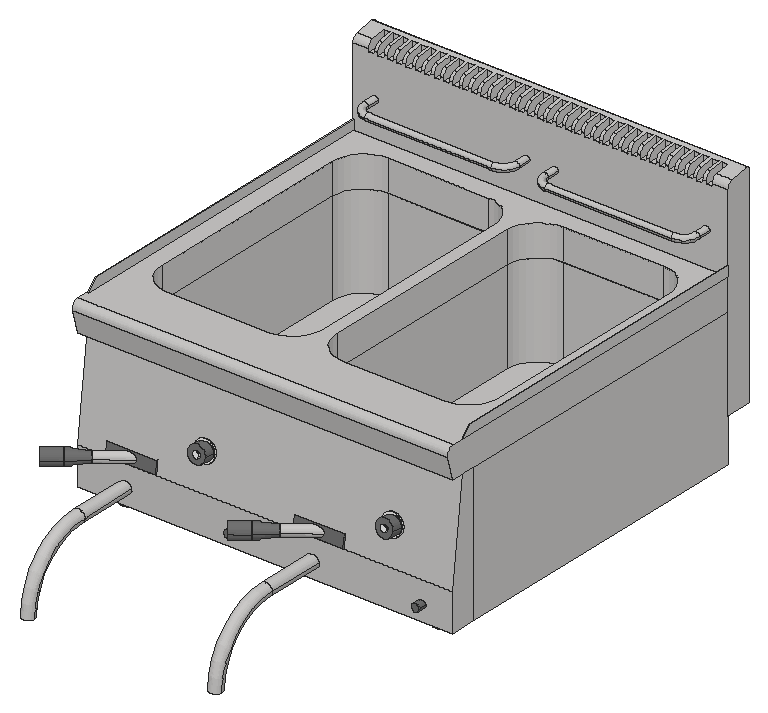
Revit family "QF_GIORIK_LFE6750", category Specialty Equipment, Revit 2014
Parameters (values of type "LFE6750")
  Weight in Pounds = 68.3432
  Watts = 6600 W
  Volts = 230 V
  URL Cutsheet = "www.giorik.com"
  URL = "www.giorik.com"
  Status [instance] = ""
  Specification by User [instance] = ""
  Specification by Manufacturer = ""
  Show Logo [instance] = yes
  Show Clearance [instance] = yes
  Serial Number = ""
  Seismic Rating = ""
  SMACNA No = ""
  Revision Code [instance] = ""
  Phase = 1
  Number of Poles [instance] = 1
  NAFEM Spec ID Number = ""
  Model = "LFE6750"
  Min Ckt Ampacity = 0 A
  Max Overcurrent Protection = 0 A
  Masterspec = ""
  Manufacturer = "GIORIK"
  Item Number [instance] = ""
  Installed By [instance] = ""
  Identify Quantity as Lot [instance] = no
  HP = "8.850732000000"
  Furnished By [instance] = ""
  Foodservice Equipment Identifier [instance] = yes
  FL Amps = 0 A
  Electrical Remarks [instance] = ""
  Electric Connection Type [instance] = ""
  Elec Conn RI Height [instance] = 0 mm
  Elec Conn Connection Height [instance] = 45 mm
  Description = "FRYER WITH FIXED HEATING ELEMENTS ELECTRIC 6+6 LT"
  Cycle = 50 Hz
  Conn Plug = ""
  CSI MasterFormat = ""
  Assembly Code = "E1090320"
  Apparent Power = 6600 VA
Reference planes
  plane 1 "Back": y = 0
  plane 2: z = 0
  plane 3 "Left": x = 0
  plane 4 "Right": x = 600
  plane 5 "Front": y = -600
  plane 6 "Top": z = 430
Forms (mm)
  Extrusion 1, solid
    sketch origin (0, 1000, -578.42) x (0, 1, 0) y (0, 0, 1)
      loop
        line (-1040.007, 869.975) -> (-1589.445, 869.975)
        arc (-1589.445, 869.975) -> (-1598.171, 865.672) -> (-1600.069, 856.13) r 10.999
        line (-1600.069, 856.13) -> (-1590.388, 820) -> (-1040.007, 820) -> (-1040.007, 869.975)
    from 0 to 600
  Extrusion 2, solid
    sketch origin (0, 0, -558.42) x (0, 1, 0) y (0, 0, 1)
      loop
        line (-570.06, 849.975) -> (-40.007, 849.975) -> (-40.007, 864.975) -> (-555.06, 864.975) -> (-570.06, 849.975)
    from 0 to 1.85
  Extrusion 3, solid
    sketch origin (0, 0, -558.42) x (0, 1, 0) y (0, 0, 1)
      loop
        line (-40.007, 800) -> (-550, 800) -> (-550, 580) -> (-40.007, 580) -> (-40.007, 800)
    from 0 to 600
  Extrusion 4, solid
    sketch origin (0, 0, -558.42) x (0, 1, 0) y (0, 0, 1)
      loop
        line (-550, 800) -> (-570.5, 800) -> (-590, 640) -> (-590, 580) -> (-550, 580) -> (-550, 800)
    from 0 to 600
  Extrusion 5, solid
    sketch origin (598.094, 0, -558.42) x (0, 1, 0) y (0, 0, 1)
      loop
        line (-570.06, 849.975) -> (-40.007, 849.975) -> (-40.007, 864.975) -> (-555.06, 864.975) -> (-570.06, 849.975)
    from -0.15 to 1.906
  Extrusion 6, solid
    sketch origin (0, 0, -558.42) x (0, 1, 0) y (0, 0, 1)
      loop
        line (-40.007, 974.217) -> (-40.007, 650.827) -> (0, 650.827) -> (0, 988.42)
        arc (0, 988.42) -> (-0.57, 989.648) -> (-1.878, 990) r 1.6
        line (-1.878, 990) -> (-31.072, 984.852)
        arc (-31.072, 984.852) -> (-37.477, 981.162) -> (-40.007, 974.217) r 10.797
    from 0 to 600
  Extrusion 7, solid
    sketch origin (573.708, 0, -561) x (1, 0, 0) y (0, 0, 1)
      loop
        circle (-38.319, 606) r 12.5
    from 20.007 to 40.007
  Extrusion 8, void
    sketch origin (10, 0, 431.58) x (0, 1, 0) y (-1, 0, 0)
      loop
        line (-40.007, -25) -> (-9.931, -25) -> (-9.931, -15) -> (-40.007, -15) -> (-40.007, -25)
      loop
        line (-40.007, -40) -> (-9.931, -40) -> (-9.931, -30) -> (-40.007, -30) -> (-40.007, -40)
      loop
        line (-40.007, -55) -> (-9.931, -55) -> (-9.931, -45) -> (-40.007, -45) -> (-40.007, -55)
      loop
        line (-40.007, -70) -> (-9.931, -70) -> (-9.931, -60) -> (-40.007, -60) -> (-40.007, -70)
      loop
        line (-40.007, -85) -> (-9.931, -85) -> (-9.931, -75) -> (-40.007, -75) -> (-40.007, -85)
      loop
        line (-40.007, -100) -> (-9.931, -100) -> (-9.931, -90) -> (-40.007, -90) -> (-40.007, -100)
      loop
        line (-40.007, -115) -> (-9.931, -115) -> (-9.931, -105) -> (-40.007, -105) -> (-40.007, -115)
      loop
        line (-40.007, -130) -> (-9.931, -130) -> (-9.931, -120) -> (-40.007, -120) -> (-40.007, -130)
      loop
        line (-40.007, -145) -> (-9.931, -145) -> (-9.931, -135) -> (-40.007, -135) -> (-40.007, -145)
      loop
        line (-40.007, -160) -> (-9.931, -160) -> (-9.931, -150) -> (-40.007, -150) -> (-40.007, -160)
      loop
        line (-40.007, -175) -> (-9.931, -175) -> (-9.931, -165) -> (-40.007, -165) -> (-40.007, -175)
      loop
        line (-40.007, -190) -> (-9.931, -190) -> (-9.931, -180) -> (-40.007, -180) -> (-40.007, -190)
      loop
        line (-40.007, -205) -> (-9.931, -205) -> (-9.931, -195) -> (-40.007, -195) -> (-40.007, -205)
      loop
        line (-40.007, -220) -> (-9.931, -220) -> (-9.931, -210) -> (-40.007, -210) -> (-40.007, -220)
      loop
        line (-40.007, -235) -> (-9.931, -235) -> (-9.931, -225) -> (-40.007, -225) -> (-40.007, -235)
      loop
        line (-40.007, -250) -> (-9.931, -250) -> (-9.931, -240) -> (-40.007, -240) -> (-40.007, -250)
      loop
        line (-40.007, -265) -> (-9.931, -265) -> (-9.931, -255) -> (-40.007, -255) -> (-40.007, -265)
      loop
        line (-40.007, -280) -> (-9.931, -280) -> (-9.931, -270) -> (-40.007, -270) -> (-40.007, -280)
      loop
        line (-40.007, -295) -> (-9.931, -295) -> (-9.931, -285) -> (-40.007, -285) -> (-40.007, -295)
      loop
        line (-40.007, -310) -> (-9.931, -310) -> (-9.931, -300) -> (-40.007, -300) -> (-40.007, -310)
      loop
        line (-40.007, -325) -> (-9.931, -325) -> (-9.931, -315) -> (-40.007, -315) -> (-40.007, -325)
      loop
        line (-40.007, -340) -> (-9.931, -340) -> (-9.931, -330) -> (-40.007, -330) -> (-40.007, -340)
      loop
        line (-40.007, -355) -> (-9.931, -355) -> (-9.931, -345) -> (-40.007, -345) -> (-40.007, -355)
      loop
        line (-40.007, -370) -> (-9.931, -370) -> (-9.931, -360) -> (-40.007, -360) -> (-40.007, -370)
      loop
        line (-40.007, -385) -> (-9.931, -385) -> (-9.931, -375) -> (-40.007, -375) -> (-40.007, -385)
      loop
        line (-40.007, -400) -> (-9.931, -400) -> (-9.931, -390) -> (-40.007, -390) -> (-40.007, -400)
      loop
        line (-40.007, -415) -> (-9.931, -415) -> (-9.931, -405) -> (-40.007, -405) -> (-40.007, -415)
      loop
        line (-40.007, -430) -> (-9.931, -430) -> (-9.931, -420) -> (-40.007, -420) -> (-40.007, -430)
      loop
        line (-40.007, -445) -> (-9.931, -445) -> (-9.931, -435) -> (-40.007, -435) -> (-40.007, -445)
      loop
        line (-40.007, -460) -> (-9.931, -460) -> (-9.931, -450) -> (-40.007, -450) -> (-40.007, -460)
      loop
        line (-40.007, -520) -> (-9.931, -520) -> (-9.931, -510) -> (-40.007, -510) -> (-40.007, -520)
      loop
        line (-40.007, -535) -> (-9.931, -535) -> (-9.931, -525) -> (-40.007, -525) -> (-40.007, -535)
      loop
        line (-40.007, -565) -> (-9.931, -565) -> (-9.931, -555) -> (-40.007, -555) -> (-40.007, -565)
      loop
        line (-40.007, -475) -> (-9.931, -475) -> (-9.931, -465) -> (-40.007, -465) -> (-40.007, -475)
      loop
        line (-40.007, -490) -> (-9.931, -490) -> (-9.931, -480) -> (-40.007, -480) -> (-40.007, -490)
      loop
        line (-40.007, -505) -> (-9.931, -505) -> (-9.931, -495) -> (-40.007, -495) -> (-40.007, -505)
      loop
        line (-40.007, -550) -> (-9.931, -550) -> (-9.931, -540) -> (-40.007, -540) -> (-40.007, -550)
    from 0 to -20
  Extrusion 9, solid
    sketch origin (566.603, 14.286, -28.42) x (0, 1, 0) y (-1, 0, 0)
      loop
        circle (-79.293, 516.603) r 5
    from 40.385 to 50
  Revolve 10, solid
    sketch origin (50, 18.936, -600) x (0, 1, 0) y (0, 0, 1)
      loop
        line (-83.943, 611.965) -> (-94.752, 611.965) -> (-97.943, 600) -> (-83.943, 600) -> (-83.943, 611.965)
      axis (-83.943, 611.965) -> (-83.943, 600)
    angle from 0 to 360
  Extrusion 11, solid
    sketch origin (33.397, 14.286, -28.42) x (0, 1, 0) y (-1, 0, 0)
      loop
        circle (-79.293, -516.603) r 5
    from 40.385 to 50
  Revolve 12, solid
    sketch origin (550, 18.936, -600) x (0, 1, 0) y (0, 0, -1)
      loop
        line (-83.943, -611.965) -> (-83.943, -600) -> (-97.943, -600) -> (-94.752, -611.965) -> (-83.943, -611.965)
      axis (-83.943, -611.965) -> (-83.943, -600)
    angle from 0 to 360
  Extrusion 13, solid
    sketch origin (566.603, -469.707, -30) x (0, 1, 0) y (-1, 0, 0)
      loop
        circle (-79.293, 516.603) r 5
    from 41.965 to 51.58
  Revolve 14, solid
    sketch origin (50, -465.057, -600) x (0, 1, 0) y (0, 0, 1)
      loop
        line (-83.943, 611.965) -> (-94.752, 611.965) -> (-97.943, 600) -> (-83.943, 600) -> (-83.943, 611.965)
      axis (-83.943, 611.965) -> (-83.943, 600)
    angle from 0 to 360
  Extrusion 15, solid
    sketch origin (33.397, -469.707, -30) x (0, 1, 0) y (-1, 0, 0)
      loop
        circle (-79.293, -516.603) r 5
    from 41.965 to 51.58
  Revolve 16, solid
    sketch origin (550, -465.057, -600) x (0, 1, 0) y (0, 0, -1)
      loop
        line (-83.943, -611.965) -> (-83.943, -600) -> (-97.943, -600) -> (-94.752, -611.965) -> (-83.943, -611.965)
      axis (-83.943, -611.965) -> (-83.943, -600)
    angle from 0 to 360
  Extrusion 17, void
    sketch origin (0, 0, 430) x (0, 1, 0) y (-1, 0, 0)
      loop
        arc (-70, -80) -> (-84.645, -44.645) -> (-120, -30) r 50
        line (-120, -30) -> (-460, -30)
        arc (-460, -30) -> (-495.355, -44.645) -> (-510, -80) r 50
        line (-510, -80) -> (-510, -240)
        arc (-510, -240) -> (-495.355, -275.355) -> (-460, -290) r 50
        line (-460, -290) -> (-120, -290)
        arc (-120, -290) -> (-84.645, -275.355) -> (-70, -240) r 50
        line (-70, -240) -> (-70, -80)
      loop
        line (-70, -520) -> (-70, -360)
        arc (-70, -360) -> (-84.645, -324.645) -> (-120, -310) r 50
        line (-120, -310) -> (-460, -310)
        arc (-460, -310) -> (-495.355, -324.645) -> (-510, -360) r 50
        line (-510, -360) -> (-510, -520)
        arc (-510, -520) -> (-495.355, -555.355) -> (-460, -570) r 50
        line (-460, -570) -> (-120, -570)
        arc (-120, -570) -> (-84.645, -555.355) -> (-70, -520) r 50
    from -97.843 to -337.592
  Sweep 18, solid
    path origin (-40, -95.007, 346.556) x (0, 1, 0) y (-1, 0, 0)
      loop
        line (55, -75) -> (35, -75)
        arc (35, -75) -> (20.858, -80.858) -> (15, -95) r 20
        line (15, -95) -> (15, -297)
        arc (15, -297) -> (20.858, -311.142) -> (35, -317) r 20
        line (35, -317) -> (55, -317)
    profile origin (35, -50.007, 346.556) x (1, 0, 0) y (0, 0, 1)
      loop
        circle (0, 0) r 5
  Sweep 19, solid
    path origin (75, 226.022, -176.065) x (0, 1, 0) y (0, 0, 1)
      loop
        line (-814.022, 222.645) -> (-909.022, 222.645)
        arc (-909.022, 222.645) -> (-979.733, 193.356) -> (-1009.022, 122.645) r 100
    profile origin (75, -635.5, 46.58) x (0, 0, -1) y (1, 0, 0)
      loop
        circle (0, 0) r 10
  Extrusion 20, solid
    sketch origin (-514.91, -588.783, -671.509) x (1, 0, 0) y (0, 0.001091, 0.999999)
      loop
        circle (764.91, 718.089) r 6
    from 0 to 15
  Blend 21, solid
    base sketch origin (588.702, -95.301, -902.739) x (0.615661, -0.788011, 0) y (0, 0, 1)
      loop
        circle (76.097, 994.319) r 8
    top sketch origin (588.702, -95.301, -902.739) x (0.615661, -0.788011, 0) y (0, 0, 1)
      loop
        circle (76.097, 994.319) r 12
    from 750.092 to 785.1
  Extrusion 22, solid
    sketch origin (579.876, -86.968, -914.17) x (0.615661, -0.788011, 0) y (0, 0, 1)
      loop
        circle (88.097, 1005.786) r 12
    from 783.275 to 813.376
  Extrusion 23, solid
    sketch origin (-430.908, -8.612, -369.564) x (-0.615661, 0.788011, 0) y (0, 0, 1)
      loop
        circle (-772.143, 461.145) r 8
    from 0 to 59.891
  Extrusion 24, solid
    sketch origin (-40, -17.89, -65.171) x (1, 0, 0) y (0, 0.12098, 0.992655)
      loop
        line (84.851, 96.58) -> (84.851, 76.58) -> (164.851, 76.58) -> (164.851, 96.58) -> (84.851, 96.58)
    from 584.669 to 586.623
  Extrusion 25, solid
    sketch origin (-214.91, -588.783, -671.509) x (1, 0, 0) y (0, 0.001091, 0.999999)
      loop
        circle (764.91, 718.089) r 6
    from 0 to 15
  Sweep 26, solid
    path origin (248, -95.007, 346.556) x (0, 1, 0) y (-1, 0, 0)
      loop
        line (55, -75) -> (35, -75)
        arc (35, -75) -> (20.858, -80.858) -> (15, -95) r 20
        line (15, -95) -> (15, -297)
        arc (15, -297) -> (20.858, -311.142) -> (35, -317) r 20
        line (35, -317) -> (55, -317)
    profile origin (323, -50.007, 346.556) x (1, 0, 0) y (0, 0, 1)
      loop
        circle (0, 0) r 5
  Sweep 27, solid
    path origin (375, 226.022, -176.065) x (0, 1, 0) y (0, 0, 1)
      loop
        line (-814.022, 222.645) -> (-909.022, 222.645)
        arc (-909.022, 222.645) -> (-979.733, 193.356) -> (-1009.022, 122.645) r 100
    profile origin (375, -635.5, 46.58) x (0, 0, -1) y (1, 0, 0)
      loop
        circle (0, 0) r 10
  Blend 28, solid
    base sketch origin (888.702, -95.301, -902.739) x (0.615661, -0.788011, 0) y (0, 0, 1)
      loop
        circle (76.097, 994.319) r 8
    top sketch origin (888.702, -95.301, -902.739) x (0.615661, -0.788011, 0) y (0, 0, 1)
      loop
        circle (76.097, 994.319) r 12
    from 750.092 to 785.1
  Extrusion 29, solid
    sketch origin (879.876, -86.968, -914.17) x (0.615661, -0.788011, 0) y (0, 0, 1)
      loop
        circle (88.097, 1005.786) r 12
    from 783.275 to 813.376
  Extrusion 30, solid
    sketch origin (-130.908, -8.612, -369.564) x (-0.615661, 0.788011, 0) y (0, 0, 1)
      loop
        circle (-772.143, 461.145) r 8
    from 0 to 59.891
  Extrusion 31, solid
    sketch origin (260, -17.89, -65.171) x (1, 0, 0) y (0, 0.12098, 0.992655)
      loop
        line (84.851, 96.58) -> (84.851, 76.58) -> (164.851, 76.58) -> (164.851, 96.58) -> (84.851, 96.58)
    from 584.669 to 586.623
  Extrusion 32, solid
    sketch origin (498.013, -611.993, -98.876) x (1, 0, 0) y (0, 0.12098, 0.992655)
      loop
        circle (0, 240) r 14
    from 0 to 17.552
  Extrusion 33, solid
    sketch origin (498.013, -611.993, -98.876) x (1, 0, 0) y (0, 0.12098, 0.992655)
      loop
        circle (0, 240) r 17
    from 0 to 1.96
  Extrusion 34, solid
    sketch origin (428.013, -21.282, -70.002) x (1, 0, 0) y (0, 0.12098, 0.992655)
      loop
        circle (70, 139.874) r 5
    from 601.431 to 599.431
  Extrusion 35, solid
    sketch origin (198.013, -611.993, -98.876) x (1, 0, 0) y (0, 0.12098, 0.992655)
      loop
        circle (0, 240) r 14
    from 0 to 17.552
  Extrusion 36, solid
    sketch origin (198.013, -611.993, -98.876) x (1, 0, 0) y (0, 0.12098, 0.992655)
      loop
        circle (0, 240) r 17
    from 0 to 1.96
  Extrusion 37, solid
    sketch origin (128.013, -21.282, -70.002) x (1, 0, 0) y (0, 0.12098, 0.992655)
      loop
        circle (70, 139.874) r 5
    from 601.431 to 599.431
Cuts and joins
  Extrusion 8 cuts Extrusion 6
  Extrusion 17 cuts Extrusion 1
  Extrusion 17 cuts Extrusion 3
Lines and regions (mm)
  symbolic lines, style "200-EquipInternal-2D"
    curve 1: line (25, -9.931, 290) -> (25, -40.007, 290)
    curve 2: line (35, -40.007, 290) -> (35, -9.931, 290)
    curve 3: line (40, -9.931, 290) -> (40, -40.007, 290)
    curve 4: line (50, -40.007, 290) -> (50, -9.931, 290)
    curve 5: line (55, -9.931, 290) -> (55, -40.007, 290)
    curve 6: line (65, -40.007, 290) -> (65, -9.931, 290)
    curve 7: line (85, -9.931, 290) -> (85, -40.007, 290)
    curve 8: line (95, -40.007, 290) -> (95, -9.931, 290)
    curve 9: line (100, -9.931, 290) -> (100, -40.007, 290)
    curve 10: line (110, -40.007, 290) -> (110, -9.931, 290)
    curve 11: line (140, -40.007, 290) -> (140, -9.931, 290)
    curve 12: line (130, -9.931, 290) -> (130, -40.007, 290)
    curve 13: line (155, -40.007, 290) -> (155, -9.931, 290)
    curve 14: line (160, -9.931, 290) -> (160, -40.007, 290)
    curve 15: line (170, -40.007, 290) -> (170, -9.931, 290)
    curve 16: line (145, -9.931, 290) -> (145, -40.007, 290)
    curve 17: line (200, -40.007, 290) -> (200, -9.931, 290)
    curve 18: line (190, -9.931, 290) -> (190, -40.007, 290)
    curve 19: line (205, -9.931, 290) -> (205, -40.007, 290)
    curve 20: line (215, -40.007, 290) -> (215, -9.931, 290)
    curve 21: line (220, -9.931, 290) -> (220, -40.007, 290)
    curve 22: line (230, -40.007, 290) -> (230, -9.931, 290)
    curve 23: line (250, -9.931, 290) -> (250, -40.007, 290)
    curve 24: line (260, -40.007, 290) -> (260, -9.931, 290)
    curve 25: line (265, -9.931, 290) -> (265, -40.007, 290)
    curve 26: line (275, -40.007, 290) -> (275, -9.931, 290)
    curve 27: line (280, -9.931, 290) -> (280, -40.007, 290)
    curve 28: line (290, -40.007, 290) -> (290, -9.931, 290)
    curve 29: line (320, -40.007, 290) -> (320, -9.931, 290)
    curve 30: line (310, -9.931, 290) -> (310, -40.007, 290)
    curve 31: line (335, -40.007, 290) -> (335, -9.931, 290)
    curve 32: line (325, -9.931, 290) -> (325, -40.007, 290)
    curve 33: line (340, -9.931, 290) -> (340, -40.007, 290)
    curve 34: line (350, -40.007, 290) -> (350, -9.931, 290)
    curve 35: line (370, -9.931, 290) -> (370, -40.007, 290)
    curve 36: line (380, -9.931, 290) -> (370, -9.931, 290)
    curve 37: line (350, -9.931, 290) -> (340, -9.931, 290)
    curve 38: line (335, -9.931, 290) -> (325, -9.931, 290)
    curve 39: line (320, -9.931, 290) -> (310, -9.931, 290)
    curve 40: line (275, -9.931, 290) -> (265, -9.931, 290)
    curve 41: line (110, -9.931, 290) -> (100, -9.931, 290)
    curve 42: line (95, -9.931, 290) -> (85, -9.931, 290)
    curve 43: line (65, -9.931, 290) -> (55, -9.931, 290)
    curve 44: line (35, -9.931, 290) -> (25, -9.931, 290)
    curve 45: line (140, -9.931, 290) -> (130, -9.931, 290)
    curve 46: line (155, -9.931, 290) -> (145, -9.931, 290)
    curve 47: line (170, -9.931, 290) -> (160, -9.931, 290)
    curve 48: line (200, -9.931, 290) -> (190, -9.931, 290)
    curve 49: line (215, -9.931, 290) -> (205, -9.931, 290)
    curve 50: line (230, -9.931, 290) -> (220, -9.931, 290)
    curve 51: line (260, -9.931, 290) -> (250, -9.931, 290)
    curve 52: line (50, -9.931, 290) -> (40, -9.931, 290)
    curve 53: line (70, -9.931, 430) -> (70, -40.007, 430)
    curve 54: line (80, -40.007, 430) -> (80, -9.931, 430)
    curve 55: line (80, -9.931, 430) -> (70, -9.931, 430)
    curve 56: line (175, -9.931, 430) -> (175, -40.007, 430)
    curve 57: line (185, -40.007, 430) -> (185, -9.931, 430)
    curve 58: line (185, -9.931, 430) -> (175, -9.931, 430)
    curve 59: line (235, -9.931, 430) -> (235, -40.007, 430)
    curve 60: line (245, -40.007, 430) -> (245, -9.931, 430)
    curve 61: line (245, -9.931, 430) -> (235, -9.931, 430)
    curve 62: line (290, -9.931, 430) -> (280, -9.931, 430)
    curve 63: line (305, -9.931, 430) -> (295, -9.931, 430)
    curve 64: line (295, -9.931, 430) -> (295, -40.007, 430)
    curve 65: line (305, -40.007, 430) -> (305, -9.931, 430)
    curve 66: line (355, -9.931, 430) -> (355, -40.007, 430)
    curve 67: line (365, -40.007, 430) -> (365, -9.931, 430)
    curve 68: line (365, -9.931, 430) -> (355, -9.931, 430)
    curve 69: line (125, -9.931, 430) -> (115, -9.931, 430)
    curve 70: line (115, -9.931, 430) -> (115, -40.007, 430)
    curve 71: line (125, -40.007, 430) -> (125, -9.931, 430)
    curve 75: line (597.944, -570.06, 430) -> (600, -570.06, 430)
    curve 76: line (597.944, -40.007, 430) -> (597.944, -570.06, 430)
    curve 77: line (30, -460, 430) -> (30, -120, 430)
    curve 78: arc (80, -510, 430) -> (44.645, -495.355, 430) -> (30, -460, 430) r 50
    curve 79: line (0, -570.06, 430) -> (1.85, -570.06, 430)
    curve 80: line (1.85, -570.06, 430) -> (1.85, -40.007, 430)
    curve 81: line (1.85, -40.007, 430) -> (597.944, -40.007, 430)
    curve 82: arc (45.893, -83.439, 430) -> (34.145, -100.067, 430) -> (30, -120, 430) r 50
    curve 83: line (272.001, -40.007, 430) -> (272.001, -60.789, 430)
    curve 84: line (281.964, -60.401, 430) -> (281.964, -40.007, 430)
    curve 85: line (257.792, -74.999, 430) -> (54.451, -74.999, 430)
    curve 86: line (54.495, -84.999, 430) -> (257.366, -84.999, 430)
    curve 87: line (30, -40.007, 430) -> (30, -60.504, 430)
    curve 88: line (40, -60.007, 430) -> (40, -40.007, 430)
    curve 89: arc (40, -60.007, 430) -> (44.201, -70.418, 430) -> (54.451, -74.999, 430) r 15.002
    curve 90: arc (30, -60.504, 430) -> (37.174, -77.824, 430) -> (54.495, -84.999, 430) r 24.495
    curve 107: line (560.001, -40.007, 430) -> (560.001, -60.789, 430)
    curve 108: line (569.964, -60.401, 430) -> (569.964, -40.007, 430)
    curve 109: line (545.792, -74.999, 430) -> (342.992, -74.999, 430)
    curve 110: line (342.495, -84.999, 430) -> (545.366, -84.999, 430)
    curve 111: line (318, -40.007, 430) -> (318, -60.504, 430)
    curve 112: line (328, -60.007, 430) -> (328, -40.007, 430)
    curve 113: line (380, -40.007, 430) -> (380, -9.931, 430)
    curve 114: line (385, -9.931, 430) -> (385, -40.007, 430)
    curve 115: line (395, -40.007, 430) -> (395, -9.931, 430)
    curve 116: line (400, -9.931, 430) -> (400, -40.007, 430)
    curve 117: line (410, -40.007, 430) -> (410, -9.931, 430)
    curve 118: line (415, -9.931, 430) -> (415, -40.007, 430)
    curve 119: line (425, -40.007, 430) -> (425, -9.931, 430)
    curve 120: line (430, -9.931, 430) -> (430, -40.007, 430)
    curve 121: line (440, -40.007, 430) -> (440, -9.931, 430)
    curve 122: line (445, -9.931, 430) -> (445, -40.007, 430)
    curve 123: line (455, -40.007, 430) -> (455, -9.931, 430)
    curve 124: line (460, -9.931, 430) -> (460, -40.007, 430)
    curve 125: line (470, -40.007, 430) -> (470, -9.931, 430)
    curve 126: line (475, -9.931, 430) -> (475, -40.007, 430)
    curve 127: line (485, -40.007, 430) -> (485, -9.931, 430)
    curve 128: line (490, -9.931, 430) -> (490, -40.007, 430)
    curve 129: line (500, -40.007, 430) -> (500, -9.931, 430)
    curve 130: line (505, -9.931, 430) -> (505, -40.007, 430)
    curve 131: line (515, -40.007, 430) -> (515, -9.931, 430)
    curve 132: line (520, -9.931, 430) -> (520, -40.007, 430)
    curve 133: line (530, -40.007, 430) -> (530, -9.931, 430)
    curve 134: line (535, -9.931, 430) -> (535, -40.007, 430)
    curve 135: line (545, -40.007, 430) -> (545, -9.931, 430)
    curve 136: line (550, -9.931, 430) -> (550, -40.007, 430)
    curve 137: line (560, -40.007, 430) -> (560, -9.931, 430)
    curve 138: line (565, -9.931, 430) -> (565, -40.007, 430)
    curve 139: line (575, -40.007, 430) -> (575, -9.931, 430)
    curve 140: line (575, -9.931, 430) -> (565, -9.931, 430)
    curve 141: line (560, -9.931, 430) -> (550, -9.931, 430)
    curve 142: line (545, -9.931, 430) -> (535, -9.931, 430)
    curve 143: line (530, -9.931, 430) -> (520, -9.931, 430)
    curve 144: line (515, -9.931, 430) -> (505, -9.931, 430)
    curve 145: line (500, -9.931, 430) -> (490, -9.931, 430)
    curve 146: line (485, -9.931, 430) -> (475, -9.931, 430)
    curve 147: line (470, -9.931, 430) -> (460, -9.931, 430)
    curve 148: line (455, -9.931, 430) -> (445, -9.931, 430)
    curve 149: line (440, -9.931, 430) -> (430, -9.931, 430)
    curve 150: line (425, -9.931, 430) -> (415, -9.931, 430)
    curve 151: line (410, -9.931, 430) -> (400, -9.931, 430)
    curve 152: line (395, -9.931, 430) -> (385, -9.931, 430)
    curve 153: arc (560.001, -60.789, 430) -> (555.839, -70.837, 430) -> (545.792, -74.999, 430) r 14.21
    curve 154: arc (569.964, -60.401, 430) -> (562.775, -77.758, 430) -> (545.418, -84.947, 430) r 24.546
    curve 155: arc (328, -60.007, 430) -> (332.391, -70.608, 430) -> (342.992, -74.999, 430) r 14.992
    curve 156: arc (318, -60.504, 430) -> (325.174, -77.824, 430) -> (342.495, -84.999, 430) r 24.495
    curve 157: arc (281.964, -60.401, 430) -> (274.76, -77.794, 430) -> (257.366, -84.999, 430) r 24.598
    curve 158: arc (257.792, -74.999, 430) -> (267.839, -70.837, 430) -> (272.001, -60.789, 430) r 14.21
    curve 159: arc (58.208, -74.999, 430) -> (68.821, -71.266, 430) -> (80, -70, 430) r 50
    curve 171: line (360, -70, 430) -> (520, -70, 430)
    curve 172: line (310, -120, 430) -> (310, -460, 430)
    curve 173: line (290, -460, 430) -> (290, -120, 430)
    curve 174: line (570, -120, 430) -> (570, -460, 430)
    curve 175: line (520, -510, 430) -> (360, -510, 430)
    curve 176: line (240, -510, 430) -> (80, -510, 430)
    curve 177: line (240, -70, 430) -> (80, -70, 430)
    curve 178: arc (240, -510, 430) -> (275.355, -495.355, 430) -> (290, -460, 430) r 50
    curve 179: arc (310, -460, 430) -> (324.645, -495.355, 430) -> (360, -510, 430) r 50
    curve 180: arc (520, -510, 430) -> (555.355, -495.355, 430) -> (570, -460, 430) r 50
    curve 181: arc (240, -70, 430) -> (250.758, -71.171, 430) -> (261.012, -74.629, 430) r 50
    curve 182: arc (271.072, -80.827, 430) -> (285.02, -98.247, 430) -> (290, -120, 430) r 50
    curve 183: arc (328.879, -80.866, 430) -> (314.966, -98.275, 430) -> (310, -120, 430) r 50
    curve 184: arc (339.228, -74.519, 430) -> (350.59, -70.911, 430) -> (362.476, -70, 430) r 51.736
    curve 185: arc (541.792, -74.999, 430) -> (531.179, -71.266, 430) -> (520, -70, 430) r 50
    curve 186: arc (554.045, -83.381, 430) -> (565.838, -100.028, 430) -> (570, -120, 430) r 50
  symbolic lines, style "200-EquipBorder-2D"
    curve 72: line (600, 0, 430) -> (0, 0, 430)
    curve 73: line (600, -600, 430) -> (600, 0, 430)
    curve 74: line (0, 0, 430) -> (0, -600, 430)
    curve 91: line (65, -611.182, 430) -> (65, -783, 430)
    curve 92: line (85, -783, 430) -> (85, -600, 430)
    curve 93: arc (65, -783, 430) -> (75, -793, 430) -> (85, -783, 430) r 10
    curve 94: line (49.396, -623.373, 430) -> (65, -611.182, 430)
    curve 95: line (39.545, -610.765, 430) -> (53.324, -600, 430)
    curve 96: line (24.194, -648.14, 430) -> (0.552, -666.61, 430)
    curve 97: line (0.552, -666.61, 430) -> (-14.224, -647.698, 430)
    curve 98: line (-14.224, -647.698, 430) -> (9.496, -629.166, 430)
    curve 99: line (9.496, -629.166, 430) -> (39.545, -610.765, 430)
    curve 100: line (49.396, -623.373, 430) -> (24.194, -648.14, 430)
    curve 101: line (243.991, -600, 430) -> (243.991, -607.014, 430)
    curve 102: line (243.991, -607.014, 430) -> (256, -607.014, 430)
    curve 103: line (256, -607.014, 430) -> (256, -600, 430)
    curve 104: line (544, -600, 430) -> (544, -607.014, 430)
    curve 105: line (544, -607.014, 430) -> (556.034, -607.014, 430)
    curve 106: line (556.034, -607.014, 430) -> (556.034, -600, 430)
    curve 160: line (365, -611.182, 430) -> (365, -783, 430)
    curve 161: line (385, -783, 430) -> (385, -600, 430)
    curve 162: arc (365, -783, 430) -> (375, -793, 430) -> (385, -783, 430) r 10
    curve 163: line (349.396, -623.373, 430) -> (365, -611.182, 430)
    curve 164: line (339.545, -610.765, 430) -> (353.324, -600, 430)
    curve 165: line (324.194, -648.14, 430) -> (300.552, -666.61, 430)
    curve 166: line (300.552, -666.61, 430) -> (285.776, -647.698, 430)
    curve 167: line (285.776, -647.698, 430) -> (309.496, -629.166, 430)
    curve 168: line (309.496, -629.166, 430) -> (339.545, -610.765, 430)
    curve 169: line (349.396, -623.373, 430) -> (324.194, -648.14, 430)
    curve 170: line (600, -600, 430) -> (0, -600, 430)
Dimensions and locks
  plane 3 "Left" to plane 4 "Right" = 600 mm
  plane 5 "Front" to plane 1 "Back" = 600 mm
  plane 4 "Right" to plane 3 "Left" = 600 mm
  plane 1 "Back" to plane 5 "Front" = 600 mm
  plane 6 "Top" to level = 430 mm  (x2)
  aligned and locked: level to plane 2
Connectors
  electrical at (535.389, -20.007, 45), driven by "Apparent Power", driven by "Volts", driven by "Number of Poles"
    settings: on Extrusion 7, index 1, voltage 230 V, apparent load 0 VA, apparent load phase1 6600 VA, apparent load phase2 0 VA, apparent load phase3 0 VA, power factor 1, load classification "Other", number of poles 1, system type 31, power factor state 1, is connector primary yes, connector utility no, sub classification motor no, connector description "Electrical connection"
